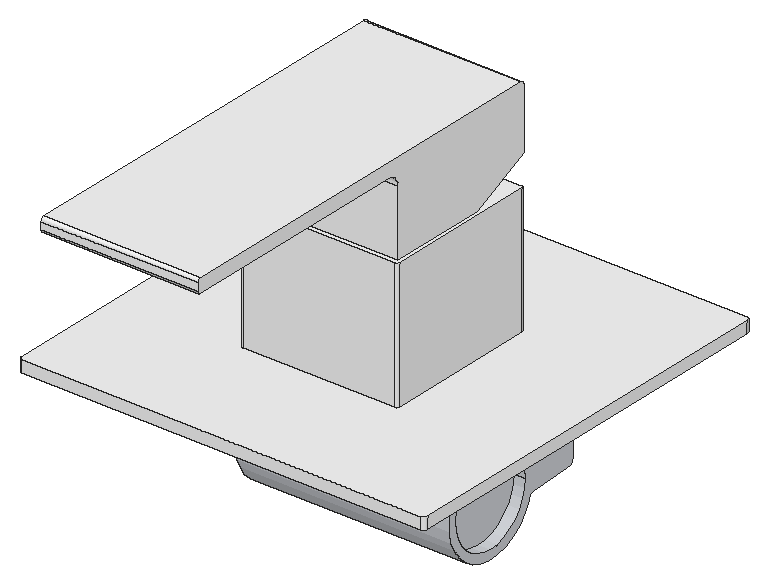
Revit family "Reece_Tap_Mizu_Bloc MK2_Shower Mixer", category Plumbing Fixtures, host Face, Revit 2018
Family settings
  Host = Face
  Round Connector Dimension = Use Diameter
  Part Type = Normal
  Cut with Voids When Loaded = No
  Shared = Yes
  Room Calculation Point = Yes
Parameters (values of type "Chrome")
  WFU = 0  # constant formula
  URL = "https://www.reece.com.au/product/-9508069"
  Type Comments = "Tap\r\n"
  Reece_Tap_Inlet = 25 mm  # constant formula
  Reece_Tap_Clearance = 60 mm  # constant formula
  Reece_Product_Web Page = "https://www.reece.com.au/product/-9508069"
  Reece_Product_Type = "Tap\r\n"  # constant formula
  Reece_Product_Sub Brand = "Bloc MK2\r\n"  # constant formula
  Reece_Product_Number = "9508069"
  Reece_Product_Mount = "Wall Mounted"
  Reece_Product_Description = "Mizu Bloc MK2 Shower Mixer Tap Chrome"
  Reece_Product_Brand = "Mizu\r\n"  # constant formula
  Reece_Overall_Width = 110 mm  # constant formula
  Reece_Overall_Length = 110 mm  # constant formula
  Reece_Overall_Height = 144 mm  # constant formula
  Reece_Material-Main = Reece_Brass_Chrome
  Reece_Detail_Installation = ""
  Reece_Detail_Disclaimer = "THIS FILE IS THE PROPERTY OF THE REECE GROUP. IT MAY NOT BE REPRODUCED, REVERSE-ENGINEERED OR MODIFIED. ANY REPUBLICATION, TRANSMISSION OR DISTRIBUTION FOR THE PURPOSE OF COMMERCIALLY EXPLOITING THE FILES IS PROHIBITED."  # constant formula
  Reece_Detail_Connector = ""
  Reece_Detail_Additional = "Shower Mixer\r\n"  # constant formula
  Model = "Bloc MK2\r\n"
  Manufacturer = "Mizu\r\n"
  Keynote = "Product #9508069, Reece_Tap_Mizu_Bloc MK2_Shower Mixer - Chrome"
  HWFU = 0  # constant formula
  Disclaimer = "THIS FILE IS THE PROPERTY OF THE REECE GROUP. IT MAY NOT BE REPRODUCED, REVERSE-ENGINEERED OR MODIFIED. ANY REPUBLICATION, TRANSMISSION OR DISTRIBUTION FOR THE PURPOSE OF COMMERCIALLY EXPLOITING THE FILES IS PROHIBITED."  # constant formula
  Description = "Mizu Bloc MK2 Shower Mixer Tap Chrome"
  Default Elevation = 1000 mm
  CWFU = 0  # constant formula
Types (3, lengths in mm): name | URL | Reece_Product_Web Page | Reece_Product_Number | Reece_Product_Description | Reece_Material-Main | Keynote | Description
  (no name) | "https://www.reece.com.au/product/-9508069" | "https://www.reece.com.au/product/-9508069" | "9508069" | "Mizu Bloc MK2 Shower Mixer Tap Chrome" | Reece_Brass_Chrome | "Product #9508069, Reece_Tap_Mizu_Bloc MK2_Shower Mixer -  " | "Mizu Bloc MK2 Shower Mixer Tap Chrome"
  Chrome | "https://www.reece.com.au/product/-9508069" | "https://www.reece.com.au/product/-9508069" | "9508069" | "Mizu Bloc MK2 Shower Mixer Tap Chrome" | Reece_Brass_Chrome | "Product #9508069, Reece_Tap_Mizu_Bloc MK2_Shower Mixer - Chrome" | "Mizu Bloc MK2 Shower Mixer Tap Chrome"
  Matte Black | "https://www.reece.com.au/product/-9508083" | "https://www.reece.com.au/product/-9508083" | "9508083" | "Mizu Bloc MK2 Shower Mixer Tap Matte Black" | Reece_Brass_Matte Black | "Product #9508083, Reece_Tap_Mizu_Bloc MK2_Shower Mixer - Matte Black" | "Mizu Bloc MK2 Shower Mixer Tap Matte Black"
Reference planes
  plane 1 "Center (Front/Back)": y = 0
  plane 2 "Bottom": z = 0
  plane 3 "Center (Left/Right)": x = 0
  plane 4 "Top": z = 64
  plane 5: x = -54.999
  plane 6: x = 55.001
  plane 7: y = 55.002
  plane 8: y = -54.998
  plane 9: y = -88.998
  plane 10: y = 21.002
  plane 11: z = 3.211
  plane 12: z = 38.211
  plane 13: z = -40
  plane 14: z = 60
Forms (mm)
  Extrusion 1, void
    sketch origin (0, 0, 0) x (1, 0, 0) y (0, 1, 0)
      loop
        circle (0, 0) r 19
    from -19.951 to 7.61
  Extrusion 2, solid
    sketch origin (0, 0, 0.182) x (0, 1, 0) y (0, 0, 1)
      loop
        arc (27.671, -24.315) -> (27.105, -22.89) -> (25.715, -22.243) r 2.075
        line (25.715, -22.243) -> (14.251, -21.588)
        arc (14.251, -21.588) -> (13.306, -21.297) -> (12.605, -20.6) r 2.065
        arc (12.605, -20.6) -> (-14.259, -26.236) -> (12.666, -31.572) r 14.007
        arc (12.666, -31.572) -> (13.13, -30.451) -> (14.251, -29.987) r 1.585
        line (14.251, -29.987) -> (25.576, -29.42)
        arc (25.576, -29.42) -> (27.064, -28.738) -> (27.671, -27.218) r 2.205
        line (27.671, -27.218) -> (27.671, -24.315)
    from -28.981 to 28.981
  Revolve 3, solid
    sketch origin (0, 0, 0) x (0, 1, 0) y (0, 0, 1)
      loop
        arc (29.5, -39.898) -> (30.536, -39.469) -> (30.965, -38.433) r 1.465
        line (30.965, -38.433) -> (30.965, -25.605) -> (-13.311, -25.605) -> (-13.311, -27.074)
        arc (-13.311, -27.074) -> (-9.556, -36.142) -> (-0.488, -39.898) r 12.823
        line (-0.488, -39.898) -> (29.5, -39.898)
      axis (30.965, -25.605) -> (-13.311, -25.605)
    angle from 0 to 360
  Revolve 4, solid
    sketch origin (0, 0, 0) x (0, 1, 0) y (0, 0, 1)
      loop
        line (-12.713, -7.147) -> (-12.713, -22.287) -> (3.125, -22.287) -> (3.125, -5.105) -> (-14.684, -5.105)
        arc (-14.684, -5.105) -> (-13.286, -5.728) -> (-12.713, -7.147) r 2.044
      axis (3.125, -5.105) -> (3.125, -22.287)
    angle from 0 to 360
  Revolve 5, solid
    sketch origin (0, 0, 0) x (0, 1, 0) y (0, 0, 1)
      loop
        line (-15.309, -5.105) -> (0, -5.105) -> (0, 0) -> (-26.489, 0)
        arc (-26.489, 0) -> (-26.122, -1.382) -> (-25.029, -2.305) r 2.38
        line (-25.029, -2.305) -> (-25.029, -4.033)
        arc (-25.029, -4.033) -> (-24.819, -4.555) -> (-24.305, -4.784) r 0.751
        line (-24.305, -4.784) -> (-15.309, -5.105)
      axis (0, 0) -> (0, -5.105)
    angle from 0 to 360
  Extrusion 6, void
    sketch origin (0, 0, -0.625) x (1, 0, 0) y (0, 0, 1)
      loop
        circle (0.156, -25.59) r 12
    from -26.249 to -38.389
  Extrusion 7, void
    sketch origin (0, 0, 0) x (0, 1, 0) y (0, 0, 1)
      loop
        circle (-0.313, -25.605) r 12
    from 25.624 to 35.9
  Extrusion 8, void
    sketch origin (0, 0, 0) x (0, 1, 0) y (0, 0, -1)
      loop
        circle (-0.313, 25.605) r 12
    from 25.624 to 35.9
  Extrusion 9, solid, material "Reece_Brass_Chrome" <- "Reece_Material-Main"
    sketch origin (0, 0, 0) x (1, 0, 0) y (0, 1, 0)
      loop
        arc (-53.999, 55.002) -> (-54.706, 54.709) -> (-54.999, 54.002) r 1
        line (-54.999, 54.002) -> (-54.999, -53.998)
        arc (-54.999, -53.998) -> (-54.706, -54.705) -> (-53.999, -54.998) r 1
        line (-53.999, -54.998) -> (54.001, -54.998)
        arc (54.001, -54.998) -> (54.708, -54.705) -> (55.001, -53.998) r 1
        line (55.001, -53.998) -> (55.001, 54.002)
        arc (55.001, 54.002) -> (54.708, 54.709) -> (54.001, 55.002) r 1
        line (54.001, 55.002) -> (-53.999, 55.002)
    from 0 to 3.211
  Revolve 10, solid, material "Reece_Brass_Chrome" <- "Reece_Material-Main"
    sketch origin (-0.354, -0.039, 0.156) x (0, 1, 0) y (0, 0, 1)
      loop
        line (-19.077, 37.918) -> (0, 37.918) -> (0, 52.259)
        arc (0, 52.259) -> (-12.408, 48.906) -> (-19.077, 37.918) r 17.297
      axis (0, 52.259) -> (0, 37.918)
    angle from 0 to 360
  Extrusion 11, solid, material "Reece_Brass_Chrome" <- "Reece_Material-Main"
    sketch origin (-0.354, -0.039, 0.156) x (0, -1, 0) y (0, 0, 1)
      loop
        line (-21.002, 46.308) -> (-5.18, 38.914) -> (21.601, 38.914) -> (21.601, 56.95)
        arc (21.601, 56.95) -> (22.525, 59.179) -> (24.755, 60.103) r 3.153
        line (24.755, 60.103) -> (88.153, 60.103)
        arc (88.153, 60.103) -> (88.722, 60.339) -> (88.958, 60.908) r 0.805
        line (88.958, 60.908) -> (88.958, 62.935)
        arc (88.958, 62.935) -> (88.692, 63.578) -> (88.05, 63.844) r 0.909
        line (88.05, 63.844) -> (-19.98, 63.844)
        arc (-19.98, 63.844) -> (-20.703, 63.544) -> (-21.002, 62.822) r 1.022
        line (-21.002, 62.822) -> (-21.002, 46.308)
    from -21.241 to 21.241
  Extrusion 12, solid, material "Reece_Brass_Chrome" <- "Reece_Material-Main"
    sketch origin (-50.014, -0.044, 0.156) x (1, 0, 0) y (0, 1, 0)
      loop
        arc (29.211, 21.12) -> (28.645, 20.886) -> (28.411, 20.32) r 0.8
        line (28.411, 20.32) -> (28.411, -20.801)
        arc (28.411, -20.801) -> (28.645, -21.367) -> (29.211, -21.601) r 0.8
        line (29.211, -21.601) -> (70.094, -21.601)
        arc (70.094, -21.601) -> (70.66, -21.367) -> (70.894, -20.801) r 0.8
        line (70.894, -20.801) -> (70.894, 20.362)
        arc (70.894, 20.362) -> (70.672, 20.898) -> (70.135, 21.12) r 0.758
        line (70.135, 21.12) -> (29.211, 21.12)
    from -0.053 to 37.918
Cuts and joins
  Extrusion 6, Extrusion 7, Extrusion 8 cuts Extrusion 2
  Extrusion 6, Extrusion 8 cuts Revolve 3
  Extrusion 8 cuts Revolve 4
  joined: Extrusion 2, Revolve 3, Revolve 4
  joined: Extrusion 9, Revolve 10, Extrusion 11, Extrusion 12
Text (mm)
  text "Reece Copyright © 2018, Reece Ltd." at (36.045, -176.794, 0), in view "Ref. Level"
  text "Reece ©" at (90.751, 227.549, 114.577), in view "Reece Preview"
Dimensions and locks
  "Reece_Overall_Width": plane 5 to plane 6
  "Reece_Overall_Width": plane 7 to plane 8
  "Reece_Overall_Height": plane 7 to plane 9
  "Reece_Overall_Length": plane 10 to plane 9
  plane 11 to plane 12 = 35 mm
  plane 12 to plane 11 = 35 mm
  plane 13 to host face = 40.103 mm  (x2)
  plane 5 to plane 6 = 110 mm  (x2)
  plane 2 "Bottom" to plane 4 "Top" = 64 mm
  plane 2 "Bottom" to plane 13 = 40 mm
  plane 12 to plane 11 to host face = 35 mm, 3.108 mm
  "Reece_Tap_Clearance": plane 14 to plane 2 "Bottom"
  aligned and locked: plane 2 "Bottom" to host face
  aligned and locked: level to host face
Automatic sketch dimensions
  host sketch curve to host sketch curve = 380.785 mm
  host sketch curve to host sketch curve = 317.421 mm
  plane 1 "Center (Front/Back)" to Extrusion 1 sketch curve = 0 mm
  Extrusion 1 sketch curve to plane 3 "Center (Left/Right)" = 0 mm
  plane 1 "Center (Front/Back)" to Extrusion 2 sketch curve = 0.252 mm
  Extrusion 2 sketch curve to plane 10 = 6.751 mm  (x2)
  Extrusion 2 sketch curve to Extrusion 2 sketch curve = 0.118 mm  (x2)
  plane 10 to Extrusion 2 sketch curve = 4.464 mm
  Extrusion 2 sketch curve to Extrusion 2 sketch curve = 0.11 mm
  Extrusion 2 sketch curve to Extrusion 2 sketch curve = 0.13 mm
  Extrusion 2 sketch curve to Extrusion 2 sketch curve = 2.205 mm
  Extrusion 2 sketch curve to level = 31.39 mm
  Extrusion 2 sketch curve to Extrusion 2 sketch curve = 1.585 mm
  Extrusion 2 sketch curve to Extrusion 2 sketch curve = 0.566 mm
  Extrusion 2 sketch curve to Extrusion 2 sketch curve = 5.414 mm
  Extrusion 2 sketch curve to Extrusion 2 sketch curve = 2.903 mm
  Extrusion 2 sketch curve to Extrusion 2 sketch curve = 8.398 mm
  Extrusion 2 sketch curve to Extrusion 2 sketch curve = 2.062 mm
  plane 1 "Center (Front/Back)" to Revolve 3 sketch curve = 13.311 mm
  plane 1 "Center (Front/Back)" to Revolve 3 sketch curve = 0.488 mm
  plane 10 to Revolve 3 sketch curve = 8.498 mm
  plane 10 to Revolve 3 sketch curve = 9.963 mm
  Revolve 3 sketch curve to level = 39.898 mm
  Revolve 3 sketch curve to Revolve 3 sketch curve = 12.828 mm
  plane 8 to Revolve 3 sketch curve = 16.021 mm
  Revolve 3 sketch curve to plane 7 = 10.214 mm
  Revolve 3 sketch curve to level = 25.605 mm
  Revolve 4 sketch curve to level = 7.147 mm
  plane 1 "Center (Front/Back)" to Revolve 4 sketch curve = 14.756 mm
  Revolve 4 sketch curve to Revolve 4 sketch curve = 0.073 mm
  plane 1 "Center (Front/Back)" to Revolve 4 sketch curve = 12.713 mm
  Revolve 4 sketch curve to plane 1 "Center (Front/Back)" = 3.125 mm  (x2)
  Revolve 4 sketch curve to Revolve 4 sketch curve = 15.141 mm
  Revolve 4 sketch curve to Revolve 4 sketch curve = 16.823 mm
  plane 11 to Revolve 4 sketch curve = 6.215 mm
  level to Revolve 5 sketch curve = 0 mm
  Revolve 5 sketch curve to plane 1 "Center (Front/Back)" = 0 mm  (x2)
  Revolve 5 sketch curve to level = 5.105 mm
  plane 1 "Center (Front/Back)" to Revolve 5 sketch curve = 15.309 mm
  Revolve 5 sketch curve to level = 0.109 mm
  Revolve 5 sketch curve to Revolve 5 sketch curve = 8.803 mm
  Revolve 5 sketch curve to Revolve 5 sketch curve = 0.167 mm
  Revolve 5 sketch curve to level = 4.784 mm
  Revolve 5 sketch curve to Revolve 5 sketch curve = 0.027 mm
  Revolve 5 sketch curve to Revolve 5 sketch curve = 0.751 mm
  Revolve 5 sketch curve to Revolve 5 sketch curve = 2.377 mm
  Revolve 5 sketch curve to Revolve 5 sketch curve = 9.999 mm
  plane 11 to Revolve 5 sketch curve = 3.306 mm
  plane 3 "Center (Left/Right)" to Extrusion 6 sketch curve = 0.156 mm
  Extrusion 6 sketch curve to level = 26.215 mm
  plane 1 "Center (Front/Back)" to Extrusion 7 sketch curve = 0.312 mm
  Extrusion 7 sketch curve to level = 25.605 mm
  plane 1 "Center (Front/Back)" to Extrusion 8 sketch curve = 0.312 mm
  Extrusion 8 sketch curve to level = 25.605 mm
  Extrusion 9 sketch curve to plane 5 = 0 mm
  Extrusion 9 sketch curve to plane 7 = 0 mm
  Extrusion 9 sketch curve to plane 8 = 0 mm
  Extrusion 9 sketch curve to plane 6 = 0 mm
  Extrusion 9 sketch curve to plane 5 = 1 mm
  Extrusion 9 sketch curve to Extrusion 9 sketch curve = 1 mm
  plane 6 to Extrusion 9 sketch curve = 1 mm  (x2)
  Revolve 10 sketch curve to plane 12 = 0.136 mm
  plane 1 "Center (Front/Back)" to Revolve 10 sketch curve = 19.116 mm
  plane 1 "Center (Front/Back)" to Revolve 10 sketch curve = 2.054 mm
  plane 1 "Center (Front/Back)" to Revolve 10 sketch curve = 0.039 mm  (x2)
  Revolve 10 sketch curve to plane 12 = 2.975 mm
  plane 13 to Revolve 10 sketch curve = 9.073 mm
  plane 4 "Top" to Revolve 10 sketch curve = 42.98 mm
  Extrusion 11 sketch curve to plane 10 = 0.039 mm
  plane 4 "Top" to Extrusion 11 sketch curve = 0 mm
  Extrusion 11 sketch curve to plane 10 = 1.062 mm
  plane 12 to Extrusion 11 sketch curve = 0.86 mm
  Extrusion 11 sketch curve to plane 1 "Center (Front/Back)" = 5.14 mm
  plane 1 "Center (Front/Back)" to Extrusion 11 sketch curve = 21.641 mm
  plane 14 to Extrusion 11 sketch curve = 0.259 mm
  Extrusion 11 sketch curve to Extrusion 11 sketch curve = 3.153 mm
  plane 9 to Extrusion 11 sketch curve = 0.909 mm
  plane 9 to Extrusion 11 sketch curve = 0.805 mm
  Extrusion 11 sketch curve to plane 9 = 0 mm
  plane 12 to Extrusion 11 sketch curve = 8.253 mm
  Extrusion 12 sketch curve to plane 3 "Center (Left/Right)" = 21.603 mm
  Extrusion 12 sketch curve to Extrusion 12 sketch curve = 0.8 mm  (x2)
  plane 3 "Center (Left/Right)" to Extrusion 12 sketch curve = 20.08 mm
  Extrusion 12 sketch curve to plane 10 = 0.684 mm
  plane 3 "Center (Left/Right)" to Extrusion 12 sketch curve = 20.122 mm
  Extrusion 12 sketch curve to Extrusion 12 sketch curve = 0.758 mm
  plane 1 "Center (Front/Back)" to Extrusion 12 sketch curve = 20.845 mm
  radius of Extrusion 1 sketch curve = 19 mm
  radius of Extrusion 6 sketch curve = 12 mm
  radius of Extrusion 7 sketch curve = 12 mm
  radius of Extrusion 8 sketch curve = 12 mm
Connectors
  piping at (25.624, -0.313, -25.605), diameter 25, driven by "Reece_Tap_Inlet"
    settings: on cut or joined group of Extrusion 2, Revolve 3, Revolve 4, Extrusion 6, Extrusion 7, Extrusion 8, index 2, connector inside diameter 609.6 mm, connector length 0 mm, flow factor 0, pipe flow 0.0 L/s, pressure drop 0.0 Pa, fitting loss kfactor 0, connector angle 0.00°, fixture units 0, engagement length 0 mm, angle of deflection 0.00°, flow configuration 0, flow direction 1, fitting loss method 0, system type 29, joint type 0, gender type 0, connector reference index -1, connector utility 0, adjustable connector no, is connector primary yes, connector description ""
  piping at (-25.624, -0.313, -25.605), diameter 25, driven by "Reece_Tap_Inlet"
    settings: on cut or joined group of Extrusion 2, Revolve 3, Revolve 4, Extrusion 6, Extrusion 7, Extrusion 8, index 3, connector inside diameter 609.6 mm, connector length 0 mm, flow factor 0, pipe flow 0.0 L/s, pressure drop 0.0 Pa, fitting loss kfactor 0, connector angle 0.00°, fixture units 0, engagement length 0 mm, angle of deflection 0.00°, flow configuration 0, flow direction 1, fitting loss method 0, system type 29, joint type 0, gender type 0, connector reference index -1, connector utility 0, adjustable connector no, is connector primary no, connector description ""
  piping at (0.156, 26.249, -26.215), diameter 25, driven by "Reece_Tap_Inlet"
    settings: on cut or joined group of Extrusion 2, Revolve 3, Revolve 4, Extrusion 6, Extrusion 7, Extrusion 8, index 4, connector inside diameter 609.6 mm, connector length 0 mm, flow factor 0, pipe flow 0.0 L/s, pressure drop 0.0 Pa, fitting loss kfactor 0, connector angle 0.00°, fixture units 0, engagement length 0 mm, angle of deflection 0.00°, flow configuration 0, flow direction 1, fitting loss method 0, system type 29, joint type 0, gender type 0, connector reference index -1, connector utility 0, adjustable connector no, is connector primary no, connector description ""
